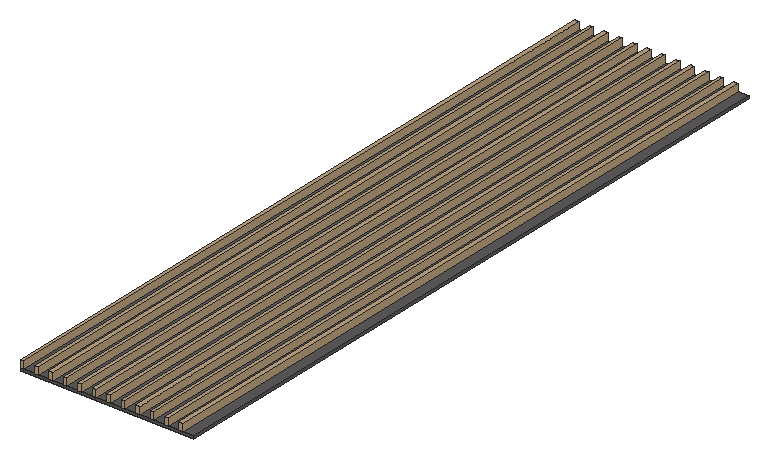
Revit family "RAINIER FINS 1.5in - 24 X 96", category Generic Models, host Face, Revit 2023
Family settings
  Host = Face
  Can host rebar = No
  Round Connector Dimension = Use Diameter
  Part Type = Normal
  Cut with Voids When Loaded = No
  Maintain Annotation Orientation = No
  Shared = No
  Room Calculation Point = No
Parameters (values of type "CHARCOAL  FELT - 1" UMBER WOOD")
  WOOD MATERIAL = Umber
  FELT MATERIAL = Cambio Felt Board - Charcoal
  Default Elevation = 4' - 0"
Types (37): name | WOOD MATERIAL | FELT MATERIAL
  (no name) | Umber | Cambio Felt Board - Charcoal
  STONE FELT - 1" OAK WOOD | Oak - Clear | Cambio Felt Board - Stone
  STONE FELT - 1" UMBER WOOD | Umber | Cambio Felt Board - Stone
  STONE FELT - 1" LEATHER WOOD | Leather | Cambio Felt Board - Stone
  STONE FELT - 1" EBONY WOOD | Ebony | Cambio Felt Board - Stone
  SAND DOLLAR FELT - EBONY WOOD | Ebony | Cambio Felt Board - Sand Dollar
  SAND DOLLAR FELT - 1" LEATHER WOOD | Leather | Cambio Felt Board - Sand Dollar
  SAND DOLLAR FELT - 1" UMBER WOOD | Umber | Cambio Felt Board - Sand Dollar
  SAND DOLLAR FELT - 1" CLEAR OAK WOOD | Oak - Clear | Cambio Felt Board - Sand Dollar
  PEPPER FELT - 1" CLEAR OAK WOOD | Oak - Clear | Cambio Felt Board - Pepper
  PEPPER FELT - 1" UMBER WOOD | Umber | Cambio Felt Board - Pepper
  PEPPER FELT - 1" LEATHER WOOD | Leather | Cambio Felt Board - Pepper
  PEPPER FELT - 1" EBONY WOOD | Ebony | Cambio Felt Board - Pepper
  OAT FELT - 1" EBONY WOOD | Ebony | Cambio Felt Board - Oat
  OAT FELT - 1" LEATHER WOOD | Leather | Cambio Felt Board - Oat
  OAT FELT - 1" UMBER WOOD | Umber | Cambio Felt Board - Oat
  OAT FELT - 1" CLEAR OAK WOOD | Oak - Clear | Cambio Felt Board - Oat
  MARBLE FELT - 1" CLEAR OAK WOOD | Oak - Clear | Cambio Felt Board - Marble
  MARBLE FELT - 1" UMBER WOOD | Umber | Cambio Felt Board - Marble
  MARBLE FELT - 1" LEATHER WOOD | Leather | Cambio Felt Board - Marble
  MARBLE FELT - 1" EBONY WOOD | Ebony | Cambio Felt Board - Marble
  GREY FELT - 1" CLEAR OAK WOOD | Oak - Clear | Cambio Felt Board - Grey
  GREY  FELT - 1" UMBER WOOD | Umber | Cambio Felt Board - Grey
  GREY  FELT - 1" LEATHER WOOD | Leather | Cambio Felt Board - Grey
  GREY  FELT - 1" EBONY WOOD | Ebony | Cambio Felt Board - Grey
  EARTH BROWN  FELT - 1" EBONY WOOD | Ebony | Cambio Felt Board - Earth Brown
  EARTH BROWN  FELT - 1" LEATHER WOOD | Leather | Cambio Felt Board - Earth Brown
  EARTH BROWN  FELT - 1" UMBER WOOD | Umber | Cambio Felt Board - Earth Brown
  EARTH BROWN  FELT - 1" CLEAR OAK WOOD | Oak - Clear | Cambio Felt Board - Earth Brown
  CHARCOAL  FELT - 1" CLEAR OAK WOOD | Oak - Clear | Cambio Felt Board - Charcoal
  CHARCOAL  FELT - 1" UMBER WOOD | Umber | Cambio Felt Board - Charcoal
  CHARCOAL  FELT - 1" LEATHER WOOD | Leather | Cambio Felt Board - Charcoal
  CHARCOAL  FELT - 1" EBONY WOOD | Ebony | Cambio Felt Board - Charcoal
  BLACK  FELT - 1" LEATHER WOOD | Leather | Cambio Felt Board - Black
  BLACK  FELT - 1" EBONY WOOD | Ebony | Cambio Felt Board - Black
  BLACK  FELT - 1" UMBER WOOD | Umber | Cambio Felt Board - Black
  BLACK  FELT - 1" CLEAR OAK WOOD | Oak - Clear | Cambio Felt Board - Black
Reference planes (in)
  plane 1 "Center (Front/Back)": y = 0
  plane 2: z = 0
  plane 3 "Center (Left/Right)": x = 0
Dimensions and locks (in)
  aligned and locked: plane 2 to host face
  aligned and locked: level to host face
  aligned and locked: plane 1 "Center (Front/Back)" to nested 2
  aligned and locked: plane 1 "Center (Front/Back)" to nested 3
  aligned and locked: plane 1 "Center (Front/Back)" to nested 4
  aligned and locked: plane 1 "Center (Front/Back)" to nested 5
  aligned and locked: plane 1 "Center (Front/Back)" to nested 6
  aligned and locked: plane 1 "Center (Front/Back)" to nested 7
  aligned and locked: plane 1 "Center (Front/Back)" to nested 8
  aligned and locked: plane 1 "Center (Front/Back)" to nested 9
  aligned and locked: plane 1 "Center (Front/Back)" to nested 10
  aligned and locked: plane 1 "Center (Front/Back)" to nested 11
  aligned and locked: plane 1 "Center (Front/Back)" to nested 12
  aligned and locked: plane 1 "Center (Front/Back)" to nested 13
Nested families (in)
  nested 1: "FELT SUBSTRATE" at (0, 0, 0), type "24 X 96"
    with FELT WIDTH 2' - 0", FELT HEIGHT 8' - 0"
  nested 2: "Rainier Fin Stick" at (-11.75, 0, 0.375), type "Rainier Fin 96"
    with Stick Height 0' - 1", LENGTH 8' - 0"
  nested 3: "Rainier Fin Stick" at (-9.75, 0, 0.375), type "Rainier Fin 96"
    with Stick Height 0' - 1", LENGTH 8' - 0"
  nested 4: "Rainier Fin Stick" at (-7.75, 0, 0.375), type "Rainier Fin 96"
    with Stick Height 0' - 1", LENGTH 8' - 0"
  nested 5: "Rainier Fin Stick" at (-5.75, 0, 0.375), type "Rainier Fin 96"
    with Stick Height 0' - 1", LENGTH 8' - 0"
  nested 6: "Rainier Fin Stick" at (-3.75, 0, 0.375), type "Rainier Fin 96"
    with Stick Height 0' - 1", LENGTH 8' - 0"
  nested 7: "Rainier Fin Stick" at (-1.75, 0, 0.375), type "Rainier Fin 96"
    with Stick Height 0' - 1", LENGTH 8' - 0"
  nested 8: "Rainier Fin Stick" at (0.25, 0, 0.375), type "Rainier Fin 96"
    with Stick Height 0' - 1", LENGTH 8' - 0"
  nested 9: "Rainier Fin Stick" at (2.25, 0, 0.375), type "Rainier Fin 96"
    with Stick Height 0' - 1", LENGTH 8' - 0"
  nested 10: "Rainier Fin Stick" at (4.25, 0, 0.375), type "Rainier Fin 96"
    with Stick Height 0' - 1", LENGTH 8' - 0"
  nested 11: "Rainier Fin Stick" at (6.25, 0, 0.375), type "Rainier Fin 96"
    with Stick Height 0' - 1", LENGTH 8' - 0"
  nested 12: "Rainier Fin Stick" at (8.25, 0, 0.375), type "Rainier Fin 96"
    with Stick Height 0' - 1", LENGTH 8' - 0"
  nested 13: "Rainier Fin Stick" at (10.25, 0, 0.375), type "Rainier Fin 96"
    with Stick Height 0' - 1", LENGTH 8' - 0"
Definition of nested family "FELT SUBSTRATE"
  Parameters (values of type "36 X 36")
    FELT WIDTH = 3' - 0"
    FELT THICKNESS = 0' - 0 3/8"
    FELT MATERIAL = none
    FELT HEIGHT = 3' - 0"
    Default Elevation = 4' - 0"
  Types (6): name | FELT WIDTH | FELT HEIGHT
    (no name) | 3' - 0" | 3' - 0"
    18 X 18 | 1' - 6" | 1' - 6"
    18 X 36 | 1' - 6" | 3' - 0"
    18 X 54 | 1' - 6" | 4' - 6"
    18 X 90 | 1' - 6" | 7' - 6"
    36 X 36 | 3' - 0" | 3' - 0"
  Reference planes (in)
    plane 1 "Center (Front/Back)": y = 0
    plane 2: z = 0
    plane 3 "Center (Left/Right)": x = 0
  Forms (in)
    Extrusion 1, solid
      sketch origin (0, 0, 0) x (1, 0, 0) y (0, 1, 0)
        loop
          line (-48, 48) -> (-48, -48) -> (48, -48) -> (48, 48) -> (-48, 48)
      from 0 to -12
    Extrusion 2, solid, material <- "FELT MATERIAL"
      sketch origin (0, 0, 0) x (1, 0, 0) y (0, 1, 0)
        loop
          line (-18, 18) -> (-18, -18) -> (18, -18) -> (18, 18) -> (-18, 18)
      from 0 to 0.375 <- "FELT THICKNESS"
  Dimensions and locks (in)
    equal spacing: Extrusion 2 sketch curve, plane 3 "Center (Left/Right)", Extrusion 2 sketch curve
    equal spacing: Extrusion 2 sketch curve, plane 1 "Center (Front/Back)", Extrusion 2 sketch curve
    "FELT WIDTH": Extrusion 2 sketch curve to Extrusion 2 sketch curve
    "FELT HEIGHT": Extrusion 2 sketch curve to Extrusion 2 sketch curve
    aligned and locked: plane 2 to Extrusion 1
    aligned and locked: level to Extrusion 1
  Automatic sketch dimensions
    Extrusion 1 sketch curve to Extrusion 1 sketch curve = 8' - 0"  (x2)
Definition of nested family "Rainier Fin Stick"
  Parameters (values of type "Rainier Fin")
    Stick Height = 0' - 1 1/2"
    Stick Width = 0' - 0 1/2"
    Material = none
    LENGTH = 4' - 0"
    Default Elevation = 4' - 0"
  Reference planes (in)
    plane 1 "Center (Front/Back)": y = 0
    plane 2: z = 0
    plane 3 "Center (Left/Right)": x = 0
  Forms (in)
    Extrusion 1, solid
      sketch origin (0, 0, 0) x (1, 0, 0) y (0, 1, 0)
        loop
          line (-48, 48) -> (-48, -48) -> (48, -48) -> (48, 48) -> (-48, 48)
      from 0 to -12
    Extrusion 2, solid, material <- "Material"
      sketch origin (0, 0, 0) x (1, 0, 0) y (0, 1, 0)
        loop
          line (-0.25, 24) -> (-0.25, -24) -> (0.25, -24) -> (0.25, 24) -> (-0.25, 24)
      from 0 to 1.5
  Dimensions and locks (in)
    equal spacing: Extrusion 2 sketch curve, plane 3 "Center (Left/Right)", Extrusion 2 sketch curve
    equal spacing: Extrusion 2 sketch curve, plane 1 "Center (Front/Back)", Extrusion 2 sketch curve
    "Stick Width": Extrusion 2 to Extrusion 2
    "LENGTH": Extrusion 2 to Extrusion 2
    "Stick Height": Extrusion 2 to Extrusion 1
    aligned and locked: plane 2 to Extrusion 1
    aligned and locked: level to Extrusion 1
  Automatic sketch dimensions
    Extrusion 1 sketch curve to Extrusion 1 sketch curve = 8' - 0"  (x2)
    Extrusion 2 sketch curve to plane 3 "Center (Left/Right)" = 0' - 0 1/4"
    plane 1 "Center (Front/Back)" to Extrusion 2 sketch curve = 2' - 0"
